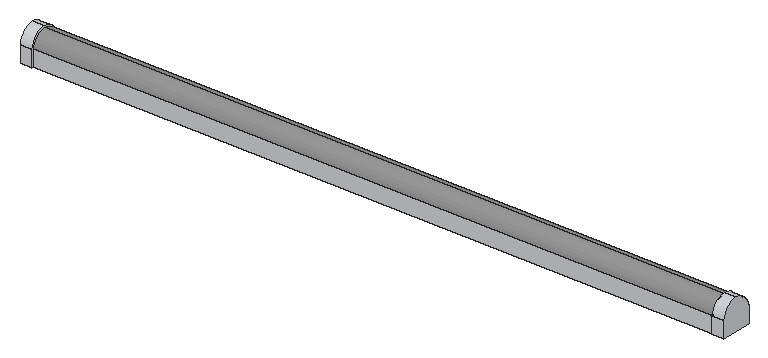
Revit family "0048979 4K HO", category Lighting Fixtures, host Face, Revit 2018
Family settings
  Host = Face
  Round Connector Dimension = Use Diameter
  Part Type = Normal
  OmniClass Number = 23.80.70.00
  OmniClass Title = Lighting
  Cut with Voids When Loaded = No
  Light Source = Yes
  Shared = No
  Room Calculation Point = No
Parameters (values of type "0048979 START BATTEN 1500 4000/7000 830/840")
  box length = 1160 mm
  Weight = "n/a"
  Wattage Comments = ""
  Wattage = 9.2903 W
  WarrantyStartDate [instance] = "n/a"
  WarrantyGuarantorParts = "n/a"
  WarrantyDurationUnit = "n/a"
  WarrantyDurationParts = ""
  WarrantyDescription = "http://www.sylvania-lighting.com"
  built-in parameter 1150110 = 1 (stored number, unit not read)
  Voltage = 0 V
  URL = "0"
  TypeName = "Start Batten 1500 4000/7000lm 830/840"
  Type Image = <None>
  Type Comments = "n/a"
  built-in parameter 1114217 = 1 (stored number, unit not read)
  Tilt Angle = -90.00°
  built-in parameter 1150109 = 1 (stored number, unit not read)
  built-in parameter 1150134 = 3
  built-in parameter 1150113 = 1 (stored number, unit not read)
  SerialNumber [instance] = "n/a"
  Photometric Web File = "0048979_4000K_HO.IES"
  Material_3_SYL = none
  PowerFactor = 0
  PowerConsumption = "Lighting"
  NominalLength = 0 mm
  NominalHeight = 65 mm
  NominalDepth = 64 mm
  Name = "Start Batten 1500 4000/7000lm 830/840"
  ModelReference = Name  # "Start Batten 1500 4000/7000lm 830/840"
  ModelNumber = "0048979"
  Model = Name  # "Start Batten 1500 4000/7000lm 830/840"
  Material = "Feilo Sylvania"
  ManufacturerName = "n/a"
  Manufacturer = ""
  LuminousEfficacy = ""
  built-in parameter 1150105 = 109.82 (stored number, unit not read)
  Lumens = 1380 lm
  LuminaireType = "0"
  built-in parameter 1150115 = 1 (stored number, unit not read)
  LightOutputRatio = "LED"
  built-in parameter 1150137 = (empty or 0)
  built-in parameter 1150139 = (empty or 0)
  LampsType = Lamp  # "n/a"
  LampNominalLuminous = "n/a"
  LampMacAdamStep = "n/a"
  LampColourTemperature = "LED"
  LampColourRenderingIndex = "16500"
  built-in parameter 1150112 = 1 (stored number, unit not read)
  built-in parameter 1150114 = 1 (stored number, unit not read)
  Lamp = "n/a"
  Keynote = "n/a"
  InstallationDate [instance] = "n/a"
  InputVoltage = "0"
  InputNominalFrequency = ""
  built-in parameter 1150132 = (empty or 0)
  built-in parameter 1150102 = (empty or 0)
  built-in parameter 1150107 = 3200 (stored number, unit not read)
  built-in parameter 1150138 = (empty or 0)
  IngressProtection = "IfcLightFixtureType"
  ImpactProtectionIndex = "IfcLightFixtureType"
  built-in parameter 1150106 = 1.0982 (stored number, unit not read)
  IfcExportType = "IfcLightFixtureType"
  IfcExportAs = "n/a"
  Emit from Circle Diameter = 609.6 mm
  Emit Shape Visible in Rendering = no
  ElectricShockClassification = ""
  built-in parameter 1150104 = 13.8 (stored number, unit not read)
  DocumentationLiterature = "http://www.sylvania-lighting.com/product/en-int/products/0048979"
  DimmingControlOptions = "n/a"
  Material_2_SYL = none
  Dimming Lamp Color Temperature Shift = <None>
  Description = "-"
  Default Elevation = 1219.2 mm
  CreatedOn = "21/12/2023"
  CreatedBy = "@sylvania-lighting.com"
  Cost = 0
  Color Filter = 16777215
  built-in parameter 1114216 [instance] = (empty or 0)
  ClassificationValue = "EF_70_80"
  ClassificationName = "Uniclass2015"
  Material_1_SYL = none
  BarCode [instance] = "n/a"
  built-in parameter 1114218 = 1 (stored number, unit not read)
  built-in parameter 1150133 = 10 (stored number, unit not read)
  AssetType = "Fixed"
  AssetIdentifier [instance] = "n/a"
  Assembly Code = "D5020200"
  Apparent Load = 0 VA
  Material_4_SYL = none
Reference planes
  plane 1 "Center (Front/Back)": y = 0
  plane 2: z = 0
  plane 3 "Center (Left/Right)": x = 0
  plane 4: x = 0
  plane 5: x = 0
  plane 6: y = 32.5
  plane 7: y = -32.5
  plane 8: z = 65
  plane 9: z = 34
  plane 10: y = 30.5
  plane 11: y = -30.5
  plane 12: z = 63.008
Forms (mm)
  Extrusion 1, solid, detail levels medium+fine
    sketch origin (319, 1524, 1219.2) x (0, 1, 0) y (0, 0, 1)
      loop
        arc (-1524, -1154.2) -> (-1546.026, -1163.645) -> (-1556.5, -1185.2) r 34.317
        line (-1556.5, -1185.2) -> (-1556.5, -1219.2) -> (-1491.5, -1219.2) -> (-1491.5, -1185.2)
        arc (-1491.5, -1185.2) -> (-1501.974, -1163.645) -> (-1524, -1154.2) r 34.317
    from 406 to 431
  Extrusion 2, solid, detail levels medium+fine
    sketch origin (0, 0, 0) x (1, 0, 0) y (0, 1, 0)
      loop
        line (725, 30.5) -> (-725, 30.5) -> (-725, -30.5) -> (725, -30.5) -> (725, 30.5)
    from 0 to 34
  Extrusion 3, solid, material "Glass, White, High Luminance", detail levels medium+fine
    sketch origin (319, 1524, 1219.2) x (0, 1, 0) y (0, 0, 1)
      loop
        arc (-1493.5, -1185.2) -> (-1503.309, -1164.975) -> (-1524, -1156.192) r 32
        arc (-1524, -1156.192) -> (-1544.691, -1164.975) -> (-1554.5, -1185.2) r 32
        line (-1554.5, -1185.2) -> (-1493.5, -1185.2)
    from -1044 to 406
  Extrusion 4, solid, detail levels medium+fine
    sketch origin (-318.695, 1524, 1219.2) x (0, 1, 0) y (0, 0, -1)
      loop
        arc (-1524, 1154.2) -> (-1501.974, 1163.645) -> (-1491.5, 1185.2) r 34.317
        line (-1491.5, 1185.2) -> (-1491.5, 1219.2) -> (-1556.5, 1219.2) -> (-1556.5, 1185.2)
        arc (-1556.5, 1185.2) -> (-1546.026, 1163.645) -> (-1524, 1154.2) r 34.317
    from 431.305 to 406.305
Dimensions and locks
  "NominalLength": plane 4 to plane 5
  equal spacing: plane 4, plane 3 "Center (Left/Right)", plane 5
  "NominalHeight": plane 6 to plane 7
  equal spacing: plane 6, plane 1 "Center (Front/Back)", plane 7
  "NominalHeight": plane 8 to level
  aligned and locked: plane 2 to host face
  aligned and locked: level to host face
Automatic sketch dimensions
  host sketch curve to host sketch curve = 2438.4 mm  (x2)
  Extrusion 1 sketch curve to level = 0 mm
  Extrusion 1 sketch curve to plane 7 = 0 mm
  Extrusion 1 sketch curve to plane 1 "Center (Front/Back)" = 0 mm
  Extrusion 1 sketch curve to plane 6 = 0 mm
  Extrusion 1 sketch curve to plane 9 = 0 mm  (x2)
  Extrusion 1 sketch curve to plane 8 = 0 mm
  plane 1 "Center (Front/Back)" to Extrusion 1 sketch curve = 1.661 mm
  Extrusion 1 sketch curve to plane 1 "Center (Front/Back)" = 1.661 mm
  Extrusion 2 sketch curve to plane 11 = 0 mm
  Extrusion 2 sketch curve to plane 10 = 0 mm
  plane 4 to Extrusion 2 sketch curve = 725 mm
  Extrusion 2 sketch curve to plane 5 = 725 mm
  Extrusion 3 sketch curve to plane 9 = 0 mm
  Extrusion 3 sketch curve to plane 11 = 0 mm
  Extrusion 3 sketch curve to plane 1 "Center (Front/Back)" = 0 mm
  Extrusion 3 sketch curve to plane 10 = 0 mm
  Extrusion 3 sketch curve to plane 12 = 0 mm
  plane 1 "Center (Front/Back)" to Extrusion 3 sketch curve = 1.363 mm
  Extrusion 3 sketch curve to plane 1 "Center (Front/Back)" = 1.363 mm
  Extrusion 4 sketch curve to level = 0 mm
  Extrusion 4 sketch curve to plane 7 = 0 mm
  Extrusion 4 sketch curve to plane 1 "Center (Front/Back)" = 0 mm
  Extrusion 4 sketch curve to plane 6 = 0 mm
  Extrusion 4 sketch curve to plane 8 = 0 mm
  Extrusion 4 sketch curve to plane 9 = 0 mm  (x2)
  plane 1 "Center (Front/Back)" to Extrusion 4 sketch curve = 1.661 mm
  Extrusion 4 sketch curve to plane 1 "Center (Front/Back)" = 1.661 mm
Connectors
  electrical at (0, 0, 0), driven by "Apparent Load", driven by "PowerFactor", driven by "Voltage"
    settings: index 1, voltage 0 V, apparent load 0 VA, apparent load phase1 0 VA, apparent load phase2 0 VA, apparent load phase3 0 VA, power factor 0, load classification "Lighting", number of poles 1, system type 30, power factor state 1, is connector primary yes, connector utility no, sub classification motor no, connector description ""
